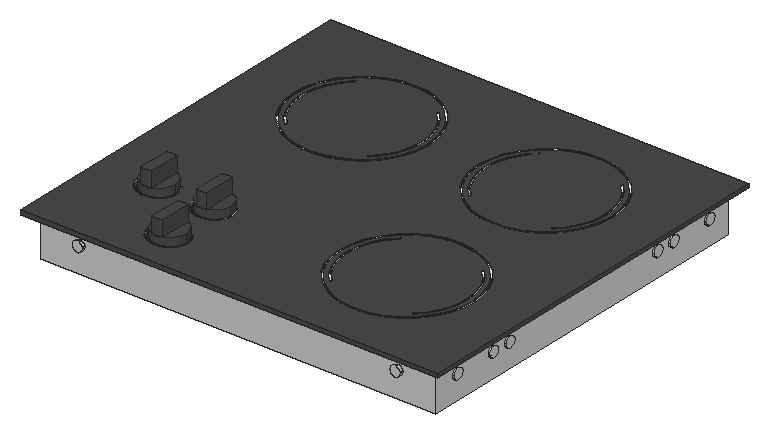
Revit family "QF_Summit_CR3240_Electric Cooktop", category Specialty Equipment, Revit 2020
Family settings
  Round Connector Dimension = Use Diameter
  Part Type = Normal
  Work Plane-Based = No
  Always vertical = Yes
  Cut with Voids When Loaded = No
  Shared = No
  Room Calculation Point = No
Parameters
  Weight in Pounds = 15
  Watts = Volts * FL Amps  # 9200 W
  Volts = 230 V
  URL Cutsheet = ""
  Specification by User = ""
  Specification by Manufacturer = ""
  Serial Number = ""
  Seismic Rating = ""
  SMACNA No = ""
  Revision Code = ""
  Phase = 1
  Number of Poles = 1
  NAFEM Spec ID Number = ""
  Model = "CR3240"
  Min Ckt Ampacity = 0 A
  Max Overcurrent Protection = 0 A
  Masterspec = ""
  Manufacturer = "Summit"
  Length = 20 5/8"
  Item Number = ""
  Installed By = ""
  Identify Quantity as Lot = yes
  Height = 3.38"
  HP = ""
  Furnished By = ""
  Foodservice Equipment Identifier = yes
  FL Amps = 40 A
  Electrical Remarks = ""
  Electric Connection Type = ""
  Elec Conn RI Height = 0"
  Elec Conn Connection Height = 0"
  Description = "Electric Cooktop"
  Depth = 19 1/8"
  Default Elevation = 0"
  Cycle = 60 Hz
  Conn Plug = ""
  Conn Conduit = yes
  CSI MasterFormat = ""
  Apparent Power = if(Phase = 3, Volts * FL Amps * 1.73, Volts * FL Amps)  # 9200 VA
Reference planes (in)
  plane 1 "BACK": y = 0
  plane 2: z = 0
  plane 3 "LEFT": x = 0
  plane 4 "RIGHT": x = 20.625
  plane 5 "FRONT": y = -19.125
  plane 6 "TOP": z = 3.38
  plane 7 "Center Y": x = 10.3125
  plane 8 "Center X": y = -9.5625
  plane 9: z = 4.505
  plane 10: z = 1.1925
  plane 11: z = 3.1925
  plane 12: x = 0.4375
  plane 13: x = 0.5625
  plane 14: x = 20.1875
  plane 15: x = 20.0625
  plane 16: y = -0.5625
  plane 17: y = -0.4375
  plane 18: y = -18.5625
  plane 19: y = -18.6875
Forms (in)
  Extrusion 1, solid, material "QF_Plastic_Black_Smooth"
    sketch origin (-1.19104, -180, 3.1925) x (-1, 0, 0) y (0, -1, 0)
      loop
        line (-1.19104, -180) -> (-1.19104, -160.875) -> (-21.81604, -160.875) -> (-21.81604, -180) -> (-1.19104, -180)
      loop
        circle (-6.96363, -174.72478) r 3.31563
      loop
        circle (-6.96363, -174.72478) r 3.25313
      loop
        arc (-9.02119, -172.54156) -> (-9.96363, -174.72478) -> (-9.02119, -176.908) r 3
        line (-9.02119, -176.908) -> (-8.97698, -176.86379)
        arc (-8.97698, -176.86379) -> (-9.90113, -174.72478) -> (-8.97698, -172.58578) r 2.9375
        line (-8.97698, -172.58578) -> (-9.02119, -172.54156)
      loop
        arc (-4.90607, -176.908) -> (-3.96363, -174.72478) -> (-4.90607, -172.54156) r 3
        line (-4.90607, -172.54156) -> (-4.95029, -172.58578)
        arc (-4.95029, -172.58578) -> (-4.02613, -174.72478) -> (-4.95029, -176.86379) r 2.9375
        line (-4.95029, -176.86379) -> (-4.90607, -176.908)
      loop
        circle (-16.04344, -174.72478) r 3.31563
      loop
        circle (-16.04344, -174.72478) r 3.25313
      loop
        line (-13.98588, -172.54156) -> (-14.0301, -172.58578)
        arc (-14.0301, -172.58578) -> (-13.10594, -174.72478) -> (-14.0301, -176.86379) r 2.9375
        line (-14.0301, -176.86379) -> (-13.98588, -176.908)
        arc (-13.98588, -176.908) -> (-13.04344, -174.72478) -> (-13.98588, -172.54156) r 3
      loop
        line (-18.101, -176.908) -> (-18.05679, -176.86379)
        arc (-18.05679, -176.86379) -> (-18.98094, -174.72478) -> (-18.05679, -172.58578) r 2.9375
        line (-18.05679, -172.58578) -> (-18.101, -172.54156)
        arc (-18.101, -172.54156) -> (-19.04344, -174.72478) -> (-18.101, -176.908) r 3
      loop
        circle (-16.04344, -166.15022) r 3.31563
      loop
        circle (-16.04344, -166.15022) r 3.25313
      loop
        arc (-13.98588, -168.33344) -> (-13.04344, -166.15022) -> (-13.98588, -163.967) r 3
        line (-13.98588, -163.967) -> (-14.0301, -164.01121)
        arc (-14.0301, -164.01121) -> (-13.10594, -166.15022) -> (-14.0301, -168.28922) r 2.9375
        line (-14.0301, -168.28922) -> (-13.98588, -168.33344)
      loop
        arc (-18.101, -163.967) -> (-19.04344, -166.15022) -> (-18.101, -168.33344) r 3
        line (-18.101, -168.33344) -> (-18.05679, -168.28922)
        arc (-18.05679, -168.28922) -> (-18.98094, -166.15022) -> (-18.05679, -164.01121) r 2.9375
        line (-18.05679, -164.01121) -> (-18.101, -163.967)
      loop
        arc (-3.41458, -166.29057) -> (-3.28022, -165.24165) -> (-4.22495, -164.76648) r 0.91503
        arc (-4.22495, -164.76648) -> (-5.00487, -165.26006) -> (-4.91108, -166.17827) r 0.87695
        line (-4.91108, -166.17827) -> (-4.88632, -166.15921)
        arc (-4.88632, -166.15921) -> (-4.21613, -164.79769) -> (-3.54594, -166.15921) r 0.8457
        line (-3.54594, -166.15921) -> (-3.41458, -166.29057)
      loop
        arc (-4.01065, -164.79085) -> (-3.39381, -165.3387) -> (-3.50475, -166.15621) r 0.87695
        line (-3.50475, -166.15621) -> (-3.41595, -166.24501)
        arc (-3.41595, -166.24501) -> (-3.27013, -165.33668) -> (-4.01065, -164.79085) r 0.88378
      loop
        arc (-6.15677, -166.29057) -> (-6.0224, -165.24165) -> (-6.96714, -164.76648) r 0.91503
        arc (-6.96714, -164.76648) -> (-7.74706, -165.26006) -> (-7.65327, -166.17827) r 0.87695
        line (-7.65327, -166.17827) -> (-7.62851, -166.15921)
        arc (-7.62851, -166.15921) -> (-6.95832, -164.79769) -> (-6.28813, -166.15921) r 0.8457
        line (-6.28813, -166.15921) -> (-6.15677, -166.29057)
      loop
        arc (-6.75284, -164.79085) -> (-6.136, -165.3387) -> (-6.24693, -166.15621) r 0.87695
        line (-6.24693, -166.15621) -> (-6.15814, -166.24501)
        arc (-6.15814, -166.24501) -> (-6.01231, -165.33668) -> (-6.75284, -164.79085) r 0.88378
      loop
        arc (-6.15677, -163.54057) -> (-6.0224, -162.49165) -> (-6.96714, -162.01648) r 0.91503
        arc (-6.96714, -162.01648) -> (-7.74706, -162.51006) -> (-7.65327, -163.42827) r 0.87695
        line (-7.65327, -163.42827) -> (-7.62851, -163.40921)
        arc (-7.62851, -163.40921) -> (-6.95832, -162.04769) -> (-6.28813, -163.40921) r 0.8457
        line (-6.28813, -163.40921) -> (-6.15677, -163.54057)
      loop
        arc (-6.75284, -162.04085) -> (-6.136, -162.5887) -> (-6.24693, -163.40621) r 0.87695
        line (-6.24693, -163.40621) -> (-6.15814, -163.49501)
        arc (-6.15814, -163.49501) -> (-6.01231, -162.58668) -> (-6.75284, -162.04085) r 0.88378
    from 0 to 0.1875
  Extrusion 2, solid, material "QF_Plastic_Black_Smooth"
    sketch origin (-1.19104, -180, 3.38) x (-1, 0, 0) y (0, -1, 0)
      loop
        circle (-4.21613, -165.64339) r 0.81666
      loop
        circle (-6.95832, -165.64339) r 0.81666
      loop
        circle (-6.95832, -162.89339) r 0.81666
    from 0 to 0.38378
  Extrusion 3, solid, material "QF_Plastic_Black_Smooth"
    sketch origin (-1.19104, -180, 3.76378) x (-1, 0, 0) y (0, -1, 0)
      loop
        arc (-4.46613, -166.42085) -> (-4.21613, -166.46006) -> (-3.96613, -166.42085) r 0.81666
        line (-3.96613, -166.42085) -> (-3.96613, -164.86594)
        arc (-3.96613, -164.86594) -> (-4.21613, -164.82673) -> (-4.46613, -164.86594) r 0.81666
        line (-4.46613, -164.86594) -> (-4.46613, -166.42085)
      loop
        arc (-7.20832, -166.42085) -> (-6.95832, -166.46006) -> (-6.70832, -166.42085) r 0.81666
        line (-6.70832, -166.42085) -> (-6.70832, -164.86594)
        arc (-6.70832, -164.86594) -> (-6.95832, -164.82673) -> (-7.20832, -164.86594) r 0.81666
        line (-7.20832, -164.86594) -> (-7.20832, -166.42085)
      loop
        arc (-7.20832, -163.67085) -> (-6.95832, -163.71006) -> (-6.70832, -163.67085) r 0.81666
        line (-6.70832, -163.67085) -> (-6.70832, -162.11594)
        arc (-6.70832, -162.11594) -> (-6.95832, -162.07673) -> (-7.20832, -162.11594) r 0.81666
        line (-7.20832, -162.11594) -> (-7.20832, -163.67085)
    from 0 to 0.74122
  Extrusion 4, solid, material "QF_Plastic_White_Smooth"
    sketch origin (-1.19104, -180, 3.1925) x (-1, 0, 0) y (0, -1, 0)
      loop
        arc (-3.41458, -166.29057) -> (-3.28022, -165.24165) -> (-4.22495, -164.76648) r 0.91503
        arc (-4.22495, -164.76648) -> (-5.00487, -165.26006) -> (-4.91108, -166.17827) r 0.87695
        line (-4.91108, -166.17827) -> (-4.88632, -166.15921)
        arc (-4.88632, -166.15921) -> (-4.21613, -164.79769) -> (-3.54594, -166.15921) r 0.8457
        line (-3.54594, -166.15921) -> (-3.41458, -166.29057)
      loop
        line (-3.50475, -166.15621) -> (-3.41595, -166.24501)
        arc (-3.41595, -166.24501) -> (-3.27013, -165.33668) -> (-4.01065, -164.79085) r 0.88378
        arc (-4.01065, -164.79085) -> (-3.39381, -165.3387) -> (-3.50475, -166.15621) r 0.87695
      loop
        arc (-6.15677, -166.29057) -> (-6.0224, -165.24165) -> (-6.96714, -164.76648) r 0.91503
        arc (-6.96714, -164.76648) -> (-7.74706, -165.26006) -> (-7.65327, -166.17827) r 0.87695
        line (-7.65327, -166.17827) -> (-7.62851, -166.15921)
        arc (-7.62851, -166.15921) -> (-6.95832, -164.79769) -> (-6.28813, -166.15921) r 0.8457
        line (-6.28813, -166.15921) -> (-6.15677, -166.29057)
      loop
        line (-6.24693, -166.15621) -> (-6.15814, -166.24501)
        arc (-6.15814, -166.24501) -> (-6.01231, -165.33668) -> (-6.75284, -164.79085) r 0.88378
        arc (-6.75284, -164.79085) -> (-6.136, -165.3387) -> (-6.24693, -166.15621) r 0.87695
      loop
        arc (-6.15677, -163.54057) -> (-6.0224, -162.49165) -> (-6.96714, -162.01648) r 0.91503
        arc (-6.96714, -162.01648) -> (-7.74706, -162.51006) -> (-7.65327, -163.42827) r 0.87695
        line (-7.65327, -163.42827) -> (-7.62851, -163.40921)
        arc (-7.62851, -163.40921) -> (-6.95832, -162.04769) -> (-6.28813, -163.40921) r 0.8457
        line (-6.28813, -163.40921) -> (-6.15677, -163.54057)
      loop
        line (-6.24693, -163.40621) -> (-6.15814, -163.49501)
        arc (-6.15814, -163.49501) -> (-6.01231, -162.58668) -> (-6.75284, -162.04085) r 0.88378
        arc (-6.75284, -162.04085) -> (-6.136, -162.5887) -> (-6.24693, -163.40621) r 0.87695
      loop
        circle (-6.96363, -174.72478) r 3.31563
      loop
        circle (-6.96363, -174.72478) r 3.25313
      loop
        line (-4.90607, -172.54156) -> (-4.95029, -172.58578)
        arc (-4.95029, -172.58578) -> (-4.02613, -174.72478) -> (-4.95029, -176.86379) r 2.9375
        line (-4.95029, -176.86379) -> (-4.90607, -176.908)
        arc (-4.90607, -176.908) -> (-3.96363, -174.72478) -> (-4.90607, -172.54156) r 3
      loop
        line (-8.97698, -172.58578) -> (-9.02119, -172.54156)
        arc (-9.02119, -172.54156) -> (-9.96363, -174.72478) -> (-9.02119, -176.908) r 3
        line (-9.02119, -176.908) -> (-8.97698, -176.86379)
        arc (-8.97698, -176.86379) -> (-9.90113, -174.72478) -> (-8.97698, -172.58578) r 2.9375
      loop
        circle (-16.04344, -174.72478) r 3.31563
      loop
        circle (-16.04344, -174.72478) r 3.25313
      loop
        line (-14.0301, -176.86379) -> (-13.98588, -176.908)
        arc (-13.98588, -176.908) -> (-13.04344, -174.72478) -> (-13.98588, -172.54156) r 3
        line (-13.98588, -172.54156) -> (-14.0301, -172.58578)
        arc (-14.0301, -172.58578) -> (-13.10594, -174.72478) -> (-14.0301, -176.86379) r 2.9375
      loop
        line (-18.101, -176.908) -> (-18.05679, -176.86379)
        arc (-18.05679, -176.86379) -> (-18.98094, -174.72478) -> (-18.05679, -172.58578) r 2.9375
        line (-18.05679, -172.58578) -> (-18.101, -172.54156)
        arc (-18.101, -172.54156) -> (-19.04344, -174.72478) -> (-18.101, -176.908) r 3
      loop
        circle (-16.04344, -166.15022) r 3.31563
      loop
        circle (-16.04344, -166.15022) r 3.25313
      loop
        line (-14.0301, -168.28922) -> (-13.98588, -168.33344)
        arc (-13.98588, -168.33344) -> (-13.04344, -166.15022) -> (-13.98588, -163.967) r 3
        line (-13.98588, -163.967) -> (-14.0301, -164.01121)
        arc (-14.0301, -164.01121) -> (-13.10594, -166.15022) -> (-14.0301, -168.28922) r 2.9375
      loop
        line (-18.05679, -164.01121) -> (-18.101, -163.967)
        arc (-18.101, -163.967) -> (-19.04344, -166.15022) -> (-18.101, -168.33344) r 3
        line (-18.101, -168.33344) -> (-18.05679, -168.28922)
        arc (-18.05679, -168.28922) -> (-18.98094, -166.15022) -> (-18.05679, -164.01121) r 2.9375
    from 0 to 0.1875
  Extrusion 5, solid, material "QF_Metal_Stainless_Polished"
    sketch origin (-2.73972, -180, 1.1925) x (0, -1, 0) y (-1, 0, 0)
      loop
        line (-161.5, -3.36472) -> (-179.375, -3.36472) -> (-179.375, -22.73972) -> (-161.5, -22.73972) -> (-161.5, -3.36472)
    from 0 to -0.0625
  Extrusion 6, solid, material "QF_Metal_Stainless_Polished"
    sketch origin (-2.65378, -186.48025, 1.1925) x (-1, 0, 0) y (0, -1, 0)
      loop
        circle (-5.18117, -170.37) r 0.375
    from 0 to -1.1925
  Extrusion 7, solid, material "QF_Metal_Stainless_Polished"
    sketch origin (-2.73972, -180, 1.1925) x (-1, 0, 0) y (0, -1, 0)
      loop
        line (-3.30222, -179.4375) -> (-3.30222, -161.4375) -> (-22.80222, -161.4375) -> (-22.80222, -179.4375) -> (-3.30222, -179.4375)
      loop
        line (-3.36472, -161.5) -> (-22.73972, -161.5) -> (-22.73972, -179.375) -> (-3.36472, -179.375) -> (-3.36472, -161.5)
    from 0 to 2
  Extrusion 8, solid, material "QF_Metal_Stainless_Polished"
    sketch origin (22.80166, -18.5625, 48) x (1, 0, 0) y (0, 0, -1)
      loop
        circle (-20.33359, 45.54597) r 0.25
      loop
        circle (-4.64474, 45.54597) r 0.25
    from 0 to -0.125
  Extrusion 9, solid, material "QF_Metal_Stainless_Polished"
    sketch origin (22.80166, -0.5625, 48) x (1, 0, 0) y (0, 0, 1)
      loop
        circle (-20.33359, -45.54597) r 0.25
      loop
        circle (-4.64474, -45.54597) r 0.25
    from 0 to -0.125
  Extrusion 10, solid, material "QF_Metal_Stainless_Polished"
    sketch origin (0.5625, -24.79269, 48) x (0, -1, 0) y (0, 0, 1)
      loop
        circle (-10.66836, -45.54597) r 0.25
      loop
        circle (-9.66836, -45.54597) r 0.25
      loop
        circle (-7.46265, -45.54597) r 0.25
    from 0 to 0.125
  Extrusion 11, solid, material "QF_Metal_Stainless_Polished"
    sketch origin (0.5625, 5.66769, 48) x (0, 1, 0) y (0, 0, -1)
      loop
        circle (-10.66836, 45.54597) r 0.25
      loop
        circle (-9.66836, 45.54597) r 0.25
      loop
        circle (-7.46265, 45.54597) r 0.25
    from 0 to 0.125
  Extrusion 12, solid, material "QF_Metal_Stainless_Polished"
    sketch origin (20.0625, -24.79269, 48) x (0, -1, 0) y (0, 0, -1)
      loop
        circle (-10.66836, 45.54597) r 0.25
      loop
        circle (-9.66836, 45.54597) r 0.25
      loop
        circle (-7.46265, 45.54597) r 0.25
    from 0 to 0.125
  Extrusion 13, solid, material "QF_Metal_Stainless_Polished"
    sketch origin (20.0625, 5.66769, 48) x (0, 1, 0) y (0, 0, 1)
      loop
        circle (-10.66836, -45.54597) r 0.25
      loop
        circle (-9.66836, -45.54597) r 0.25
      loop
        circle (-7.46265, -45.54597) r 0.25
    from 0 to 0.125
Lines and regions (in)
  symbolic lines
    curve 1: line (0, 0, 0) -> (20.625, 0, 0)
    curve 2: line (0, -19.125, 0) -> (0, 0, 0)
    curve 3: line (20.625, -19.125, 0) -> (0, -19.125, 0)
    curve 4: line (20.625, 0, 0) -> (20.625, -19.125, 0)
    curve 5: arc (9.08822, -5.27522, 0) -> (5.7726, -1.95959, 0) -> (2.45697, -5.27522, 0) r 3.31563
    curve 6: arc (2.45697, -5.27522, 0) -> (5.7726, -8.59084, 0) -> (9.08822, -5.27522, 0) r 3.31563
    curve 7: arc (9.02572, -5.27522, 0) -> (5.7726, -2.02209, 0) -> (2.51947, -5.27522, 0) r 3.25313
    curve 8: arc (2.51947, -5.27522, 0) -> (5.7726, -8.52834, 0) -> (9.02572, -5.27522, 0) r 3.25313
    curve 9: arc (3.71504, -3.092, 0) -> (2.7726, -5.27522, 0) -> (3.71504, -7.45844, 0) r 3
    curve 10: line (3.71504, -7.45844, 0) -> (3.75925, -7.41422, 0)
    curve 11: arc (3.75925, -7.41422, 0) -> (2.8351, -5.27522, 0) -> (3.75925, -3.13621, 0) r 2.9375
    curve 12: line (3.75925, -3.13621, 0) -> (3.71504, -3.092, 0)
    curve 13: arc (7.78594, -3.13621, 0) -> (8.7101, -5.27522, 0) -> (7.78594, -7.41422, 0) r 2.9375
    curve 14: line (7.78594, -7.41422, 0) -> (7.83016, -7.45844, 0)
    curve 15: arc (7.83016, -7.45844, 0) -> (8.7726, -5.27522, 0) -> (7.83016, -3.092, 0) r 3
    curve 16: line (7.83016, -3.092, 0) -> (7.78594, -3.13621, 0)
    curve 17: arc (12.79484, -3.092, 0) -> (11.8524, -5.27522, 0) -> (12.79484, -7.45844, 0) r 3
    curve 18: line (12.79484, -7.45844, 0) -> (12.83906, -7.41422, 0)
    curve 19: arc (12.83906, -7.41422, 0) -> (11.9149, -5.27522, 0) -> (12.83906, -3.13621, 0) r 2.9375
    curve 20: line (12.83906, -3.13621, 0) -> (12.79484, -3.092, 0)
    curve 21: arc (16.86575, -3.13621, 0) -> (17.7899, -5.27522, 0) -> (16.86575, -7.41422, 0) r 2.9375
    curve 22: line (16.86575, -7.41422, 0) -> (16.90996, -7.45844, 0)
    curve 23: arc (16.90996, -7.45844, 0) -> (17.8524, -5.27522, 0) -> (16.90996, -3.092, 0) r 3
    curve 24: line (16.90996, -3.092, 0) -> (16.86575, -3.13621, 0)
    curve 25: arc (18.16803, -5.27522, 0) -> (14.8524, -1.95959, 0) -> (11.53678, -5.27522, 0) r 3.31563
    curve 26: arc (11.53678, -5.27522, 0) -> (14.8524, -8.59084, 0) -> (18.16803, -5.27522, 0) r 3.31563
    curve 27: arc (11.59928, -5.27522, 0) -> (14.8524, -2.02209, 0) -> (18.10553, -5.27522, 0) r 3.25313
    curve 28: arc (18.10553, -5.27522, 0) -> (14.8524, -8.52834, 0) -> (11.59928, -5.27522, 0) r 3.25313
    curve 29: arc (18.16803, -13.84978, 0) -> (14.8524, -10.53416, 0) -> (11.53678, -13.84978, 0) r 3.31563
    curve 30: arc (11.53678, -13.84978, 0) -> (14.8524, -17.16541, 0) -> (18.16803, -13.84978, 0) r 3.31563
    curve 31: arc (11.59928, -13.84978, 0) -> (14.8524, -10.59666, 0) -> (18.10553, -13.84978, 0) r 3.25313
    curve 32: arc (18.10553, -13.84978, 0) -> (14.8524, -17.10291, 0) -> (11.59928, -13.84978, 0) r 3.25313
    curve 33: arc (12.83906, -15.98879, 0) -> (11.9149, -13.84978, 0) -> (12.83906, -11.71078, 0) r 2.9375
    curve 34: line (12.83906, -11.71078, 0) -> (12.79484, -11.66656, 0)
    curve 35: arc (12.79484, -11.66656, 0) -> (11.8524, -13.84978, 0) -> (12.79484, -16.033, 0) r 3
    curve 36: line (12.79484, -16.033, 0) -> (12.83906, -15.98879, 0)
    curve 37: arc (16.86575, -11.71078, 0) -> (17.7899, -13.84978, 0) -> (16.86575, -15.98879, 0) r 2.9375
    curve 38: line (16.86575, -15.98879, 0) -> (16.90996, -16.033, 0)
    curve 39: arc (16.90996, -16.033, 0) -> (17.8524, -13.84978, 0) -> (16.90996, -11.66656, 0) r 3
    curve 40: line (16.90996, -11.66656, 0) -> (16.86575, -11.71078, 0)
    curve 41: arc (6.58394, -14.35661, 0) -> (5.76728, -13.53994, 0) -> (4.95062, -14.35661, 0) r 0.81666
    curve 42: arc (4.95062, -14.35661, 0) -> (5.76728, -15.17327, 0) -> (6.58394, -14.35661, 0) r 0.81666
    curve 43: line (5.51728, -13.57915, 0) -> (5.51728, -15.13406, 0)
    curve 44: line (6.01728, -15.13406, 0) -> (6.01728, -13.57915, 0)
    curve 45: arc (3.84176, -14.35661, 0) -> (3.02509, -13.53994, 0) -> (2.20843, -14.35661, 0) r 0.81666
    curve 46: arc (2.20843, -14.35661, 0) -> (3.02509, -15.17327, 0) -> (3.84176, -14.35661, 0) r 0.81666
    curve 47: line (2.77509, -13.57915, 0) -> (2.77509, -15.13406, 0)
    curve 48: line (3.27509, -15.13406, 0) -> (3.27509, -13.57915, 0)
    curve 49: arc (6.58394, -17.10661, 0) -> (5.76728, -16.28994, 0) -> (4.95062, -17.10661, 0) r 0.81666
    curve 50: arc (4.95062, -17.10661, 0) -> (5.76728, -17.92327, 0) -> (6.58394, -17.10661, 0) r 0.81666
    curve 51: line (5.51728, -16.32915, 0) -> (5.51728, -17.88406, 0)
    curve 52: line (6.01728, -17.88406, 0) -> (6.01728, -16.32915, 0)
    curve 53: line (2.35491, -13.84079, 0) -> (2.22354, -13.70943, 0)
    curve 54: arc (2.22354, -13.70943, 0) -> (2.08918, -14.75835, 0) -> (3.03391, -15.23352, 0) r 0.91503
    curve 55: arc (3.03391, -15.23352, 0) -> (3.81383, -14.73994, 0) -> (3.72005, -13.82173, 0) r 0.87695
    curve 56: line (3.72005, -13.82173, 0) -> (3.69528, -13.84079, 0)
    curve 57: arc (3.69528, -13.84079, 0) -> (3.02509, -15.20231, 0) -> (2.35491, -13.84079, 0) r 0.8457
    curve 58: arc (2.81962, -15.20915, 0) -> (2.07909, -14.66332, 0) -> (2.22491, -13.75499, 0) r 0.88378
    curve 59: line (2.22491, -13.75499, 0) -> (2.31371, -13.84379, 0)
    curve 60: arc (2.31371, -13.84379, 0) -> (2.20277, -14.6613, 0) -> (2.81962, -15.20915, 0) r 0.87695
    curve 61: line (5.09709, -16.59079, 0) -> (4.96573, -16.45943, 0)
    curve 62: arc (4.96573, -16.45943, 0) -> (4.83137, -17.50835, 0) -> (5.7761, -17.98352, 0) r 0.91503
    curve 63: arc (5.7761, -17.98352, 0) -> (6.55602, -17.48994, 0) -> (6.46223, -16.57173, 0) r 0.87695
    curve 64: line (6.46223, -16.57173, 0) -> (6.43747, -16.59079, 0)
    curve 65: arc (6.43747, -16.59079, 0) -> (5.76728, -17.95231, 0) -> (5.09709, -16.59079, 0) r 0.8457
    curve 66: arc (5.5618, -17.95915, 0) -> (4.82128, -17.41332, 0) -> (4.9671, -16.50499, 0) r 0.88378
    curve 67: line (4.9671, -16.50499, 0) -> (5.0559, -16.59379, 0)
    curve 68: arc (5.0559, -16.59379, 0) -> (4.94496, -17.4113, 0) -> (5.5618, -17.95915, 0) r 0.87695
    curve 69: arc (4.96573, -13.70943, 0) -> (4.83137, -14.75835, 0) -> (5.7761, -15.23352, 0) r 0.91503
    curve 70: arc (5.7761, -15.23352, 0) -> (6.55602, -14.73994, 0) -> (6.46223, -13.82173, 0) r 0.87695
    curve 71: line (6.46223, -13.82173, 0) -> (6.43747, -13.84079, 0)
    curve 72: arc (6.43747, -13.84079, 0) -> (5.76728, -15.20231, 0) -> (5.09709, -13.84079, 0) r 0.8457
    curve 73: line (5.09709, -13.84079, 0) -> (4.96573, -13.70943, 0)
    curve 74: arc (5.5618, -15.20915, 0) -> (4.82128, -14.66332, 0) -> (4.9671, -13.75499, 0) r 0.88378
    curve 75: line (4.9671, -13.75499, 0) -> (5.0559, -13.84379, 0)
    curve 76: arc (5.0559, -13.84379, 0) -> (4.94496, -14.6613, 0) -> (5.5618, -15.20915, 0) r 0.87695
Dimensions and locks (in)
  equal spacing: plane 3 "LEFT", plane 7 "Center Y", plane 4 "RIGHT"
  "Length": plane 3 "LEFT" to plane 4 "RIGHT"
  equal spacing: plane 5 "FRONT", plane 8 "Center X", plane 1 "BACK"
  "Depth": plane 5 "FRONT" to plane 1 "BACK"
  "Height": plane 6 "TOP" to level
  locked: plane 9 to plane 6 "TOP" at 1.125
  plane 6 "TOP" to plane 11 = 3/16"
  plane 11 to plane 10 = 2"
  plane 19 to plane 17 = 18 1/4"
  plane 18 to plane 16 = 18"
  plane 12 to plane 14 = 19 3/4"
  plane 13 to plane 15 = 19 1/2"
  aligned and locked: level to plane 2
Automatic sketch dimensions
  Extrusion 1 sketch curve to Extrusion 1 sketch curve = 0"  (x116)
  plane 1 "BACK" to Extrusion 1 sketch curve = 0"
  Extrusion 1 sketch curve to plane 4 "RIGHT" = 0"
  Extrusion 1 sketch curve to plane 3 "LEFT" = 0"
  plane 5 "FRONT" to Extrusion 1 sketch curve = 0"
  Extrusion 1 sketch curve to plane 15 = 3.15254"  (x4)
  Extrusion 1 sketch curve to Extrusion 1 sketch curve = 0.04421"  (x18)
  Extrusion 1 sketch curve to Extrusion 1 sketch curve = 2.01335"  (x5)
  plane 7 "Center Y" to Extrusion 1 sketch curve = 2.52656"  (x4)
  Extrusion 1 sketch curve to plane 7 "Center Y" = 2.48234"  (x2)
  Extrusion 1 sketch curve to plane 7 "Center Y" = 3.85027"
  plane 18 to Extrusion 1 sketch curve = 1.97171"  (x2)
  Extrusion 1 sketch curve to Extrusion 1 sketch curve = 0.02476"  (x3)
  Extrusion 1 sketch curve to Extrusion 1 sketch curve = 0.67019"  (x3)
  Extrusion 1 sketch curve to Extrusion 1 sketch curve = 0.12799"  (x3)
  Extrusion 1 sketch curve to Extrusion 1 sketch curve = 0.5422"  (x2)
  Extrusion 1 sketch curve to Extrusion 1 sketch curve = 0.0412"  (x3)
  plane 18 to Extrusion 1 sketch curve = 1.96871"
  Extrusion 1 sketch curve to Extrusion 1 sketch curve = 0.0888"  (x3)
  plane 18 to Extrusion 1 sketch curve = 2.05751"
  Extrusion 1 sketch curve to Extrusion 1 sketch curve = 0.00137"  (x3)
  plane 18 to Extrusion 1 sketch curve = 2.10307"
  Extrusion 1 sketch curve to Extrusion 1 sketch curve = 1.24706"
  plane 16 to Extrusion 1 sketch curve = 2.5295"  (x4)
  Extrusion 1 sketch curve to Extrusion 1 sketch curve = 2.13901"  (x3)
  Extrusion 1 sketch curve to plane 8 "Center X" = 2.10406"  (x2)
  Extrusion 1 sketch curve to Extrusion 1 sketch curve = 2 3/4"
  Extrusion 1 sketch curve to Extrusion 1 sketch curve = 0.04557"  (x2)
  Extrusion 1 sketch curve to Extrusion 1 sketch curve = 0.06674"  (x2)
  Extrusion 1 sketch curve to Extrusion 1 sketch curve = 0.0858"  (x2)
  Extrusion 1 sketch curve to Extrusion 1 sketch curve = 0.003"  (x2)
  Extrusion 1 sketch curve to Extrusion 1 sketch curve = 0.48798"  (x3)
  Extrusion 1 sketch curve to Extrusion 1 sketch curve = 0.02783"  (x3)
  Extrusion 1 sketch curve to Extrusion 1 sketch curve = 0.01906"
  Extrusion 3 sketch curve to Extrusion 3 sketch curve = 1/4"  (x3)
  Extrusion 3 sketch curve to Extrusion 3 sketch curve = 1/2"  (x3)
  Extrusion 4 sketch curve to Extrusion 4 sketch curve = 0"  (x194)
  Extrusion 4 sketch curve to plane 15 = 3.15254"  (x4)
  plane 8 "Center X" to Extrusion 4 sketch curve = 2.10406"  (x4)
  Extrusion 4 sketch curve to Extrusion 4 sketch curve = 0.04421"  (x18)
  Extrusion 4 sketch curve to Extrusion 4 sketch curve = 2.01335"  (x5)
  plane 7 "Center Y" to Extrusion 4 sketch curve = 2.52656"  (x4)
  Extrusion 4 sketch curve to plane 7 "Center Y" = 2.48234"  (x2)
  Extrusion 4 sketch curve to plane 7 "Center Y" = 3.85027"
  Extrusion 4 sketch curve to Extrusion 4 sketch curve = 0.02476"  (x3)
  Extrusion 4 sketch curve to Extrusion 4 sketch curve = 0.67019"  (x3)
  Extrusion 4 sketch curve to Extrusion 4 sketch curve = 0.12799"  (x3)
  Extrusion 4 sketch curve to Extrusion 4 sketch curve = 0.5422"  (x3)
  plane 18 to Extrusion 4 sketch curve = 1.97171"
  plane 18 to Extrusion 4 sketch curve = 1.96871"
  Extrusion 4 sketch curve to Extrusion 4 sketch curve = 0.0412"  (x3)
  Extrusion 4 sketch curve to Extrusion 4 sketch curve = 0.0888"  (x3)
  plane 18 to Extrusion 4 sketch curve = 2.05751"
  plane 18 to Extrusion 4 sketch curve = 2.10307"
  Extrusion 4 sketch curve to Extrusion 4 sketch curve = 0.00137"  (x3)
  Extrusion 4 sketch curve to Extrusion 4 sketch curve = 1.24706"
  Extrusion 4 sketch curve to Extrusion 4 sketch curve = 2.13901"  (x3)
  Extrusion 4 sketch curve to plane 8 "Center X" = 2.10406"  (x2)
  Extrusion 4 sketch curve to Extrusion 4 sketch curve = 2 3/4"
  Extrusion 4 sketch curve to Extrusion 4 sketch curve = 0.04557"  (x2)
  Extrusion 4 sketch curve to Extrusion 4 sketch curve = 0.06674"  (x2)
  Extrusion 4 sketch curve to Extrusion 4 sketch curve = 0.0858"  (x2)
  Extrusion 4 sketch curve to Extrusion 4 sketch curve = 0.003"  (x2)
  Extrusion 4 sketch curve to Extrusion 4 sketch curve = 0.48798"  (x3)
  Extrusion 4 sketch curve to Extrusion 4 sketch curve = 0.02783"  (x3)
  Extrusion 4 sketch curve to Extrusion 4 sketch curve = 0.01906"
  Extrusion 4 sketch curve to plane 15 = 1.95697"  (x2)
  Extrusion 4 sketch curve to Extrusion 4 sketch curve = 1/16"  (x3)
  Extrusion 4 sketch curve to plane 7 "Center Y" = 1.22428"
  Extrusion 5 sketch curve to Extrusion 7 = 0"  (x3)
  Extrusion 7 to Extrusion 5 sketch curve = 0"
  Extrusion 6 sketch curve to plane 13 = 1.96489"
  plane 18 to Extrusion 6 sketch curve = 2.45225"
  Extrusion 7 sketch curve to plane 15 = 0"
  Extrusion 7 sketch curve to plane 13 = 0"
  plane 16 to Extrusion 7 sketch curve = 0"
  Extrusion 7 sketch curve to plane 18 = 0"
  Extrusion 7 sketch curve to plane 15 = 1/16"
  Extrusion 7 sketch curve to plane 13 = 1/16"
  plane 16 to Extrusion 7 sketch curve = 1/16"
  plane 18 to Extrusion 7 sketch curve = 1/16"
  plane 11 to Extrusion 8 sketch curve = 0.73847"  (x2)
  plane 13 to Extrusion 8 sketch curve = 1.90558"
  plane 15 to Extrusion 8 sketch curve = 1.90558"
  Extrusion 9 sketch curve to plane 11 = 0.73847"  (x2)
  Extrusion 9 sketch curve to plane 13 = 1.90558"
  Extrusion 9 sketch curve to plane 15 = 1.90558"
  Extrusion 10 sketch curve to plane 11 = 0.73847"  (x3)
  plane 18 to Extrusion 10 sketch curve = 4.43817"
  Extrusion 10 sketch curve to Extrusion 10 sketch curve = 1"
  plane 18 to Extrusion 10 sketch curve = 1.23246"
  Extrusion 11 sketch curve to plane 11 = 0.73847"  (x3)
  plane 16 to Extrusion 11 sketch curve = 4.43817"
  Extrusion 11 sketch curve to Extrusion 11 sketch curve = 1"
  plane 16 to Extrusion 11 sketch curve = 1.23246"
  Extrusion 12 sketch curve to plane 11 = 0.73847"  (x3)
  plane 18 to Extrusion 12 sketch curve = 4.43817"
  Extrusion 12 sketch curve to Extrusion 12 sketch curve = 1"
  plane 18 to Extrusion 12 sketch curve = 1.23246"
  Extrusion 13 sketch curve to plane 11 = 0.73847"  (x3)
  plane 16 to Extrusion 13 sketch curve = 4.43817"
  Extrusion 13 sketch curve to Extrusion 13 sketch curve = 1"
  plane 16 to Extrusion 13 sketch curve = 1.23246"
  curve 3 to plane 3 "LEFT" = 0"
  curve 3 to plane 4 "RIGHT" = 0"
  plane 5 "FRONT" to curve 3 = 0"
  plane 1 "BACK" to curve 2 = 0"
  curve 6 to plane 7 "Center Y" = 4.5399"
  plane 8 "Center X" to curve 6 = 4.28728"
  curve 5 to plane 13 = 1.89447"
  curve 5 to curve 7 = 0"  (x2)
  curve 5 to curve 8 = 1/16"
  curve 5 to curve 9 = 0"  (x2)
  curve 5 to curve 11 = 0"  (x2)
  curve 7 to curve 12 = 1.19557"
  curve 8 to curve 10 = 1.19557"
  curve 9 to curve 12 = 0.04421"
  curve 10 to curve 10 = 0.04421"  (x2)
  plane 8 "Center X" to curve 10 = 2.10406"
  curve 5 to curve 13 = 0"  (x2)
  curve 5 to curve 15 = 0"  (x2)
  curve 14 to curve 7 = 1.23978"
  curve 16 to curve 8 = 1.23978"
  curve 16 to curve 16 = 0.04421"
  curve 13 to curve 14 = 0.04421"
  plane 8 "Center X" to curve 14 = 2.10406"
  curve 15 to curve 14 = 0.04421"
  curve 17 to curve 19 = 0"  (x2)
  plane 7 "Center Y" to curve 20 = 2.48234"
  plane 7 "Center Y" to curve 18 = 2.48234"
  curve 20 to curve 20 = 0.04421"
  curve 18 to curve 18 = 0.04421"  (x2)
  curve 18 to curve 17 = 2.01335"
  plane 8 "Center X" to curve 18 = 2.10406"
  curve 18 to curve 17 = 2.13901"
  curve 17 to curve 21 = 0"  (x2)
  curve 17 to curve 23 = 0"  (x2)
  curve 17 to curve 22 = 2.01335"
  curve 17 to curve 24 = 2.01335"
  curve 21 to curve 24 = 0.04421"
  curve 22 to curve 22 = 0.04421"
  plane 8 "Center X" to curve 22 = 2.10406"
  curve 23 to curve 22 = 0.04421"
  curve 17 to curve 25 = 0"  (x2)
  plane 7 "Center Y" to curve 26 = 1.22428"
  curve 17 to curve 27 = 0"  (x2)
  curve 25 to curve 27 = 1/16"
  plane 7 "Center Y" to curve 30 = 4.5399"
  curve 30 to plane 8 "Center X" = 4.28728"
  plane 7 "Center Y" to curve 29 = 1.22428"
  curve 29 to curve 31 = 0"  (x2)
  curve 29 to curve 32 = 1/16"
  curve 29 to curve 33 = 0"  (x2)
  curve 29 to curve 35 = 0"  (x2)
  plane 7 "Center Y" to curve 34 = 2.48234"
  plane 7 "Center Y" to curve 36 = 2.48234"
  curve 34 to curve 34 = 0.04421"
  curve 36 to curve 36 = 0.04421"  (x2)
  curve 36 to curve 32 = 2.18322"
  curve 29 to curve 37 = 0"  (x2)
  curve 29 to curve 39 = 0"  (x2)
  curve 38 to curve 31 = 1.23978"
  curve 40 to curve 31 = 1.23978"
  curve 37 to curve 40 = 0.04421"
  curve 38 to curve 38 = 0.04421"
  curve 38 to curve 31 = 2.18322"
  curve 39 to curve 38 = 0.04421"
  curve 41 to plane 7 "Center Y" = 4.54522"
  plane 18 to curve 41 = 4.20589"
  curve 41 to curve 41 = 0.81666"
  curve 43 to curve 41 = 1/4"
  curve 43 to curve 44 = 1/2"
  curve 45 to curve 41 = 1.92552"
  curve 46 to curve 41 = 0"
  curve 46 to curve 45 = 0.81666"
  curve 47 to curve 45 = 1/4"
  curve 47 to curve 48 = 1/2"
  curve 43 to curve 49 = 1/4"
  plane 18 to curve 50 = 1.45589"
  curve 50 to curve 49 = 0.81666"
  curve 51 to curve 49 = 1/4"
  curve 51 to curve 52 = 1/2"
  curve 45 to curve 55 = 0"  (x2)
  curve 45 to curve 57 = 0"  (x2)
  curve 53 to curve 47 = 0.55155"
  curve 54 to curve 53 = 0.13137"
  curve 54 to curve 55 = 0.12799"
  curve 48 to curve 56 = 0.42019"
  curve 56 to curve 56 = 0.02476"
  curve 55 to curve 54 = 0.02783"
  curve 56 to curve 48 = 0.26164"
  curve 56 to curve 56 = 0.01906"
  curve 57 to curve 53 = 0.13137"
  curve 45 to curve 60 = 0"  (x2)
  curve 54 to curve 58 = 0"  (x2)
  curve 53 to curve 59 = 0.00137"
  curve 59 to curve 57 = 0.0412"
  curve 59 to curve 57 = 0.003"
  curve 59 to curve 53 = 0.04557"
  curve 49 to curve 63 = 0"  (x2)
  curve 49 to curve 65 = 0"  (x2)
  plane 18 to curve 61 = 2.10307"
  curve 61 to curve 51 = 0.55155"
  plane 18 to curve 61 = 1.97171"
  curve 62 to curve 61 = 0.13137"
  curve 62 to curve 63 = 0.12799"
  plane 18 to curve 64 = 1.97171"
  curve 64 to curve 64 = 0.02476"
  curve 63 to curve 62 = 0.02783"
  curve 64 to curve 64 = 0.01906"
  curve 49 to curve 68 = 0"  (x2)
  curve 62 to curve 66 = 0"  (x2)
  plane 18 to curve 67 = 2.05751"
  curve 61 to curve 67 = 0.00137"
  plane 18 to curve 67 = 1.96871"
  curve 67 to curve 65 = 0.0412"
  curve 41 to curve 70 = 0"  (x2)
  curve 41 to curve 72 = 0"  (x2)
  curve 73 to curve 43 = 0.55155"
  curve 69 to curve 73 = 0.13137"
  curve 69 to curve 70 = 0.12799"
  curve 44 to curve 71 = 0.42019"
  curve 72 to curve 71 = 0.02476"
  curve 70 to curve 69 = 0.02783"
  curve 73 to curve 43 = 0.26164"
  curve 72 to curve 71 = 0.01906"
  curve 72 to curve 73 = 0.13137"
  curve 41 to curve 76 = 0"  (x2)
  curve 69 to curve 74 = 0"  (x2)
  curve 73 to curve 75 = 0.00137"
  curve 75 to curve 72 = 0.0412"
  curve 75 to curve 72 = 0.003"
  curve 75 to curve 73 = 0.04557"
  radius of Extrusion 1 sketch curve = 3.31563"  (x3)
  radius of Extrusion 1 sketch curve = 3.25313"  (x3)
  radius of Extrusion 2 sketch curve to Extrusion 1 = 0.02904"  (x3)
  radius of Extrusion 3 sketch curve to Extrusion 2 = 0"  (x6)
  radius of Extrusion 6 sketch curve = 3/8"
  radius of Extrusion 8 sketch curve = 1/4"  (x2)
  radius of Extrusion 9 sketch curve = 1/4"  (x2)
  radius of Extrusion 10 sketch curve = 1/4"  (x3)
  radius of Extrusion 11 sketch curve = 1/4"  (x3)
  radius of Extrusion 12 sketch curve = 1/4"  (x3)
  radius of Extrusion 13 sketch curve = 1/4"  (x3)
Connectors (in)
  electrical at (2.52739, -16.11025, 0), driven by "Volts", driven by "Watts"
    settings: on Extrusion 6, index 1, voltage 230 V, apparent load 9200 VA, apparent load phase1 0 VA, apparent load phase2 0 VA, apparent load phase3 0 VA, power factor 1, load classification "Other", number of poles 1, system type 30, power factor state 1, is connector primary yes, connector utility no, sub classification motor no, connector description "Electrical Connection"
